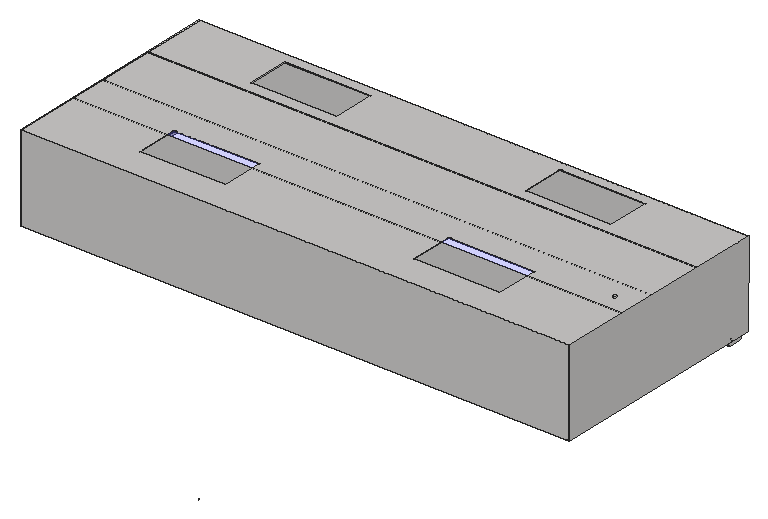
Revit family "QF_ELECTROLUXPROFESSIONAL_640231_STPF1332", category Specialty Equipment, Revit 2014
Reference planes
  plane 1: z = 0
  plane 2 "Center (Left/Right)": x = 150
  plane 3 "LEFT": x = -1450
  plane 4 "RIGHT": x = 1750
  plane 5 "BACK": y = 550
  plane 6 "TOP": z = 2500
  plane 7 "Base": z = 2000
  plane 8: z = 1955
  plane 9 "DrainY": y = 490
  plane 10: x = -1447
  plane 11 "DrainX": x = 1630
  plane 12 "AOLeft2": x = -400
  plane 13 "AORight1": x = 700
  plane 14: x = 1747
  plane 15: x = -1250
  plane 16: x = 1550
  plane 17 "Center (Front/Back)": y = -100
  plane 18 "Front": y = -750
  plane 19 "AOLeft1": x = -900
  plane 20 "AORight2": x = 1200
  plane 21: y = -664
  plane 22: y = -414
  plane 23: y = 240
  plane 24: y = 490
  plane 25 "EI_y": y = -270
  plane 26 "EIx": x = 1630
Forms (mm)
  Extrusion 1, solid, material "QF_Finishes_Stainless Steel"
    sketch origin (-1450, 0, 360) x (0, 1, 0) y (0, 0, 1)
      loop
        line (550, 1640) -> (550, 2140) -> (-750, 2140) -> (-750, 1640) -> (550, 1640)
    from 0 to 3
  Extrusion 2, solid, material "QF_Finishes_Stainless Steel"
    sketch origin (1750, 0, 360) x (0, 1, 0) y (0, 0, 1)
      loop
        line (550, 1640) -> (550, 2140) -> (-750, 2140) -> (-750, 1640) -> (550, 1640)
    from 0 to -3
  Extrusion 3, solid, material "QF_Finishes_Stainless Steel"
    sketch origin (150, 0, 360) x (0, 1, 0) y (0, 0, 1)
      loop
        line (-750, 2140) -> (-750, 1640) -> (-740, 1640) -> (-740, 1640.8) -> (-749.2, 1640.8) -> (-749.2, 2139.19) -> (549.2, 2139.19) -> (549.2, 1640.8) -> (540, 1640.8) -> (540, 1640) -> (550, 1640) -> (550, 2140) -> (-750, 2140)
    from -1600 to 1600
  Extrusion 4, solid, material "QF_Finishes_Stainless Steel"
    sketch origin (0, 0, 2000) x (0, 1, 0) y (-1, 0, 0)
      loop
        circle (490, -1630) r 4.763
    from -30 to 0
  Extrusion 5, void
    sketch origin (0, 0, 2500) x (0, 1, 0) y (-1, 0, 0)
      loop
        line (-320, 400) -> (-320, 900) -> (-570, 900) -> (-570, 400) -> (-320, 400)
    from 0 to -10
  Extrusion 6, solid, material "QF_Finishes_Stainless Steel"
    sketch origin (0, 0, 0) x (1, 0, 0) y (0, 1, 0)
      loop
        line (-1450, 550) -> (-1450, 549) -> (-1449, 549) -> (-1449, 550) -> (-1450, 550)
    from 0 to 1
  Extrusion 7, solid, material "QF_LAMPS"
    sketch origin (150, 0, 360) x (0, 1, 0) y (0, 0, 1)
      loop
        line (-372.823, 1962.324) -> (-218.948, 2086.929) -> (-227.129, 2097.032) -> (-381.003, 1972.426) -> (-372.823, 1962.324)
    from 1597 to -1597
  Extrusion 8, solid, material "QF_Finishes_Stainless Steel"
    sketch origin (150, 0, 360) x (0, 1, 0) y (0, 0, 1)
      loop
        line (-750, 2139.19) -> (-750, 1640) -> (-686.602, 1640) -> (-599.146, 1690.493) -> (-610.058, 1709.394) -> (-666.564, 1676.77) -> (-714.704, 1680.982) -> (-749.2, 1730.248) -> (-749.2, 2139.19) -> (-750, 2139.19)
      loop
        line (-373.6, 1961.694) -> (-381.937, 1971.99) -> (-369.095, 1982.182) -> (-369.095, 2139.19) -> (-369.895, 2139.19) -> (-369.895, 1982.569) -> (-682.298, 1734.63) -> (-671.091, 1720.79) -> (-373.6, 1961.694)
      loop
        line (-227.61, 2099.216) -> (-218.171, 2087.559) -> (-154.411, 2139.19) -> (-155.682, 2139.19) -> (-218.052, 2088.684) -> (-226.989, 2099.719) -> (-227.61, 2099.216)
    from -1597 to 1597
  Sweep 9, solid, material "QF_Finishes_Stainless Steel"
    path origin (0, 0, 0) x (1, 0, 0) y (0, 1, 0)
      loop
        line (1750, 550) -> (-1450, 550) -> (-1450, -750) -> (1750, -750) -> (1750, 550)
    profile origin (1750, -100, 0) x (1, 0, 0) y (0, 0, 1)
      loop
        line (-3, 2000) -> (-3, 2000.8) -> (-19, 2000.8) -> (-19, 2010) -> (-20, 2010) -> (-20, 2000) -> (-3, 2000)
  Extrusion 10, solid, material "QF_Finishes_Stainless Steel"
    sketch origin (150, 0, 0) x (0, 1, 0) y (0, 0, 1)
      loop
        line (414.66, 2095.469) -> (440.643, 2110.471) -> (261.744, 2411.771) -> (235.948, 2396.455) -> (414.66, 2095.469)
    from -1597 to -1400
  Extrusion 11, void
    sketch origin (1134.605, 0, 2500) x (0, 1, 0) y (-1, 0, 0)
      loop
        line (-320, -65.395) -> (-320, 434.605) -> (-570, 434.605) -> (-570, -65.395) -> (-320, -65.395)
    from 0 to -10
  Extrusion 12, solid, material "QF_Finishes_Stainless Steel"
    sketch origin (1630, 0, 0) x (0, 1, 0) y (0, 0, 1)
      loop
        line (539, 2000) -> (441, 2000) -> (441, 1989) -> (448.5, 1989) -> (448.5, 1965)
        arc (448.5, 1965) -> (451.429, 1957.929) -> (458.5, 1955) r 10
        line (458.5, 1955) -> (521.5, 1955)
        arc (521.5, 1955) -> (528.571, 1957.929) -> (531.5, 1965) r 10
        line (531.5, 1965) -> (531.5, 1989) -> (539, 1989) -> (539, 2000)
    from 90 to -90
  Extrusion 13, solid, material "QF_Finishes_Stainless Steel"
    sketch origin (150, 0, 360) x (0, 1, 0) y (0, 0, 1)
      loop
        line (-750, 2139.19) -> (-750, 1640) -> (-686.602, 1640) -> (-599.146, 1690.493) -> (-610.058, 1709.394) -> (-666.564, 1676.77) -> (-714.704, 1680.982) -> (-749.2, 1730.248) -> (-749.2, 2139.19) -> (-750, 2139.19)
      loop
        line (-373.6, 1961.694) -> (-381.937, 1971.99) -> (-369.095, 1982.182) -> (-369.095, 2139.19) -> (-369.895, 2139.19) -> (-369.895, 1982.569) -> (-682.298, 1734.63) -> (-671.091, 1720.79) -> (-373.6, 1961.694)
      loop
        line (-227.61, 2099.216) -> (-218.171, 2087.559) -> (-154.411, 2139.19) -> (-155.682, 2139.19) -> (-218.052, 2088.684) -> (-226.989, 2099.719) -> (-227.61, 2099.216)
    from -1597 to 1597
  Extrusion 14, solid, material "QF_Finishes_Stainless Steel"
    sketch origin (150, 0, 0) x (0, 1, 0) y (0, 0, 1)
      loop
        line (414.66, 2095.469) -> (440.643, 2110.471) -> (261.744, 2411.771) -> (235.948, 2396.455) -> (414.66, 2095.469)
    from 1400 to 1597
  Extrusion 15, solid, material "QF_Finished_Chrome"
    sketch origin (150, 0, 0) x (0, 1, 0) y (0, 0, 1)
      loop
        line (414.66, 2095.469) -> (440.643, 2110.471) -> (261.744, 2411.771) -> (235.948, 2396.455) -> (414.66, 2095.469)
    from -1400 to 1400
  Extrusion 16, void
    sketch origin (0, 1180, 2500) x (0, 1, 0) y (-1, 0, 0)
      loop
        line (-690, 400) -> (-690, 900) -> (-940, 900) -> (-940, 400) -> (-690, 400)
    from 0 to -10
  Extrusion 17, void
    sketch origin (1600, 1180, 2500) x (0, 1, 0) y (-1, 0, 0)
      loop
        line (-690, 400) -> (-690, 900) -> (-940, 900) -> (-940, 400) -> (-690, 400)
    from 0 to -10
  Extrusion 18, solid, material "QF_Finishes_Stainless Steel"
    sketch origin (0, 0, 2500) x (0, 1, 0) y (-1, 0, 0)
      loop
        circle (-270, -1630) r 10
    from 0 to 1.6
  Extrusion 19, solid, material "QF_Finishes_Stainless Steel"
    sketch origin (150, 0, 360) x (0, 1, 0) y (0, 0, 1)
      loop
        line (430.005, 1640) -> (540, 1640) -> (540, 1640.8) -> (430.467, 1640.8) -> (371.906, 1742.23) -> (414.858, 1734.657) -> (442.266, 1750.481) -> (442.266, 1765.943) -> (441.466, 1765.943) -> (441.466, 1750.943) -> (414.709, 1735.495) -> (321.153, 1751.991) -> (320.875, 1750.416) -> (371.4, 1741.507) -> (430.005, 1640)
      loop
        line (172.529, 2139.19) -> (242.893, 2017.316) -> (245.133, 2018.715) -> (240.13, 2027.381) -> (238.569, 2026.405) -> (173.453, 2139.19) -> (172.529, 2139.19)
    from -1597 to 1597
Cuts and joins
  Extrusion 5, Extrusion 11, Extrusion 16, Extrusion 17 cuts Extrusion 3
  joined: Extrusion 2, Extrusion 3, Sweep 9
Lines and regions (mm)
  symbolic lines, style "SpecialityEquipment", detail levels coarse
    curve 1: line (1750, 550, 2500) -> (-1450, 550, 2500)
    curve 2: line (-1450, 550, 2500) -> (-1450, -750, 2500)
    curve 3: line (1750, -750, 2500) -> (1750, 550, 2500)
    curve 4: line (-1450, 550, 0) -> (1750, -750, 0)
    curve 5: line (1750, 550, 0) -> (-1450, -750, 0)
    curve 6: line (-1450, -750, 0) -> (1750, -750, 0)
    curve 7: line (-400, -320, 0) -> (-900, -320, 0)
    curve 8: line (-400, -570, 0) -> (-400, -320, 0)
    curve 9: line (-900, -570, 0) -> (-400, -570, 0)
    curve 10: line (-900, -320, 0) -> (-900, -570, 0)
    curve 11: line (700, -320, 0) -> (700, -570, 0)
    curve 12: line (1200, -320, 0) -> (700, -320, 0)
    curve 13: line (1200, -570, 0) -> (1200, -320, 0)
    curve 14: line (700, -570, 0) -> (1200, -570, 0)
  symbolic lines, detail levels coarse
    curve 15: line (-900, 240, 2500) -> (-400, 240, 2500)
    curve 16: line (-900, 490, 2500) -> (-900, 240, 2500)
    curve 17: line (-400, 490, 2500) -> (-900, 490, 2500)
    curve 18: line (-400, 240, 2500) -> (-400, 490, 2500)
    curve 19: line (700, 490, 2500) -> (700, 240, 2500)
    curve 20: line (1200, 490, 2500) -> (700, 490, 2500)
    curve 21: line (700, 240, 2500) -> (1200, 240, 2500)
    curve 22: line (1200, 240, 2500) -> (1200, 490, 2500)
Dimensions and locks
  plane 3 "LEFT" to plane 4 "RIGHT" = 3200 mm
  equal spacing: plane 3 "LEFT", plane 2 "Center (Left/Right)", plane 4 "RIGHT"
  plane 7 "Base" to plane 8 = 45 mm
  plane 5 "BACK" to plane 9 "DrainY" = 60 mm  (x2)
  plane 3 "LEFT" to plane 10 = 3 mm
  plane 11 "DrainX" to plane 4 "RIGHT" = 120 mm
  plane 14 to plane 4 "RIGHT" = 3 mm
  plane 3 "LEFT" to plane 15 = 200 mm
  plane 16 to plane 4 "RIGHT" = 200 mm
  locked: plane 12 "AOLeft2" to plane 13 "AORight1" at 1100
  equal spacing: plane 12 "AOLeft2", plane 2 "Center (Left/Right)", plane 13 "AORight1"
  locked: plane 7 "Base" to level at 2000
  locked: plane 6 "TOP" to plane 7 "Base" at 500
  locked: plane 5 "BACK" to plane 18 "Front" at 1300
  equal spacing: plane 5 "BACK", plane 17 "Center (Front/Back)", plane 18 "Front"
  locked: plane 19 "AOLeft1" to plane 12 "AOLeft2" at 500
  locked: plane 13 "AORight1" to plane 20 "AORight2" at 500
  locked: plane 22 to plane 21 at 250
  plane 21 to plane 18 "Front" = 86 mm
  locked: plane 24 to plane 23 at 250
  plane 5 "BACK" to plane 24 = 60 mm
  locked: plane 25 "EI_y" to plane 18 "Front" at 480
  locked: plane 26 "EIx" to plane 4 "RIGHT" at 120
  plane 5 "BACK" to plane 18 "Front" = 1300 mm
  aligned and locked: level to plane 1
  aligned and locked: plane 4 "RIGHT" to Extrusion 3
  aligned and locked: Extrusion 3 to plane 3 "LEFT"
  aligned and locked: Extrusion 2 to plane 14
  aligned and locked: Extrusion 10 to plane 10
  aligned and locked: Extrusion 8 to plane 10
  aligned and locked: plane 14 to Extrusion 8
  aligned and locked: Extrusion 5 to plane 19 "AOLeft1"
  aligned and locked: Extrusion 5 to plane 12 "AOLeft2"
  aligned and locked: plane 20 "AORight2" to Extrusion 11
  aligned and locked: plane 13 "AORight1" to Extrusion 11
  aligned and locked: plane 15 to Extrusion 10
  aligned and locked: plane 16 to Extrusion 14
  aligned and locked: plane 14 to Extrusion 14
  aligned and locked: Extrusion 15 to plane 15
  aligned and locked: Extrusion 15 to plane 16
  aligned and locked: plane 14 to Extrusion 7
  aligned and locked: Extrusion 7 to plane 10
  aligned and locked: Extrusion 16 to plane 23
  aligned and locked: plane 24 to Extrusion 16
  aligned and locked: plane 24 to Extrusion 17
  aligned and locked: Extrusion 17 to plane 23
  aligned and locked: plane 13 "AORight1" to Extrusion 17
  aligned and locked: plane 20 "AORight2" to Extrusion 17
  aligned and locked: Extrusion 16 to plane 19 "AOLeft1"
  aligned and locked: Extrusion 16 to plane 12 "AOLeft2"
  aligned and locked: Extrusion 19 to plane 10
  aligned and locked: plane 14 to Extrusion 19
  aligned and locked: plane 14 to Extrusion 13
  aligned and locked: Extrusion 13 to plane 10
Automatic sketch dimensions
  curve 6 to plane 3 "LEFT" = 0 mm
  curve 4 to plane 3 "LEFT" = 0 mm
  curve 10 to plane 19 "AOLeft1" = 0 mm
  curve 8 to plane 12 "AOLeft2" = 0 mm
  curve 14 to plane 13 "AORight1" = 0 mm
  curve 14 to plane 20 "AORight2" = 0 mm
  curve 5 to plane 4 "RIGHT" = 0 mm
  curve 6 to plane 4 "RIGHT" = 0 mm
  curve 4 to plane 18 "Front" = 0 mm
  curve 4 to plane 5 "BACK" = 0 mm
  curve 5 to plane 5 "BACK" = 0 mm
  plane 21 to curve 14 = 94 mm
  plane 21 to curve 9 = 94 mm
  curve 10 to plane 25 "EI_y" = 50 mm
  curve 11 to plane 25 "EI_y" = 50 mm
  curve 2 to plane 3 "LEFT" = 0 mm
  curve 2 to plane 18 "Front" = 0 mm
  curve 3 to plane 4 "RIGHT" = 0 mm
  curve 3 to plane 18 "Front" = 0 mm
  curve 2 to plane 5 "BACK" = 0 mm
  Extrusion 1 sketch curve to plane 7 "Base" = 0 mm
  Extrusion 1 sketch curve to plane 18 "Front" = 0 mm
  Extrusion 1 sketch curve to plane 5 "BACK" = 0 mm
  Extrusion 1 sketch curve to plane 6 "TOP" = 0 mm
  Extrusion 2 sketch curve to plane 7 "Base" = 0 mm
  Extrusion 2 sketch curve to plane 18 "Front" = 0 mm
  Extrusion 2 sketch curve to plane 5 "BACK" = 0 mm
  Extrusion 2 sketch curve to plane 6 "TOP" = 0 mm
  Extrusion 3 sketch curve to plane 6 "TOP" = 0 mm
  Extrusion 3 sketch curve to plane 18 "Front" = 0 mm
  Extrusion 3 sketch curve to plane 7 "Base" = 0 mm  (x2)
  Extrusion 3 sketch curve to plane 5 "BACK" = 0 mm
  plane 18 "Front" to Extrusion 3 sketch curve = 0.8 mm
  Extrusion 3 sketch curve to Extrusion 3 sketch curve = 9.2 mm
  plane 7 "Base" to Extrusion 3 sketch curve = 0.8 mm  (x2)
  Extrusion 3 sketch curve to plane 5 "BACK" = 10 mm
  Extrusion 3 sketch curve to plane 5 "BACK" = 0.8 mm
  Extrusion 3 sketch curve to plane 6 "TOP" = 0.81 mm
  Extrusion 4 sketch curve to plane 9 "DrainY" = 0 mm
  Extrusion 4 sketch curve to plane 11 "DrainX" = 0 mm
  Extrusion 5 sketch curve to plane 12 "AOLeft2" = 0 mm
  Extrusion 5 sketch curve to plane 19 "AOLeft1" = 0 mm
  plane 21 to Extrusion 5 sketch curve = 94 mm
  Extrusion 5 sketch curve to plane 25 "EI_y" = 50 mm
  Extrusion 6 sketch curve to plane 3 "LEFT" = 0 mm
  Extrusion 6 sketch curve to plane 5 "BACK" = 0 mm
  plane 3 "LEFT" to Extrusion 6 sketch curve = 1 mm
  Extrusion 6 sketch curve to Extrusion 6 sketch curve = 1 mm
  plane 22 to Extrusion 7 sketch curve = 32.997 mm
  Extrusion 7 sketch curve to Extrusion 7 sketch curve = 8.181 mm  (x2)
  plane 25 "EI_y" to Extrusion 7 sketch curve = 42.871 mm
  Extrusion 7 sketch curve to plane 6 "TOP" = 177.676 mm
  Extrusion 7 sketch curve to Extrusion 7 sketch curve = 10.102 mm
  Extrusion 7 sketch curve to plane 6 "TOP" = 53.071 mm
  Extrusion 7 sketch curve to Extrusion 7 sketch curve = 10.103 mm
  Extrusion 8 sketch curve to plane 7 "Base" = 0 mm
  Extrusion 8 sketch curve to plane 18 "Front" = 0 mm
  Extrusion 8 sketch curve to Extrusion 8 sketch curve = 0.8 mm  (x2)
  plane 18 "Front" to Extrusion 8 sketch curve = 35.296 mm
  Extrusion 8 sketch curve to plane 21 = 22.602 mm
  Extrusion 8 sketch curve to plane 21 = 18.298 mm
  Extrusion 8 sketch curve to plane 21 = 7.091 mm
  Extrusion 8 sketch curve to plane 21 = 2.564 mm
  plane 21 to Extrusion 8 sketch curve = 53.942 mm
  Extrusion 8 sketch curve to Extrusion 8 sketch curve = 10.912 mm
  plane 22 to Extrusion 8 sketch curve = 32.063 mm
  Extrusion 8 sketch curve to Extrusion 8 sketch curve = 8.337 mm
  Extrusion 8 sketch curve to Extrusion 8 sketch curve = 12.042 mm
  plane 25 "EI_y" to Extrusion 8 sketch curve = 42.39 mm
  Extrusion 8 sketch curve to Extrusion 8 sketch curve = 0.622 mm
  Extrusion 8 sketch curve to Extrusion 8 sketch curve = 9.44 mm
  Extrusion 8 sketch curve to Extrusion 8 sketch curve = 0.118 mm
  Extrusion 8 sketch curve to plane 6 "TOP" = 0.81 mm  (x3)
  Extrusion 8 sketch curve to plane 17 "Center (Front/Back)" = 55.682 mm
  Extrusion 8 sketch curve to Extrusion 8 sketch curve = 1.271 mm
  plane 7 "Base" to Extrusion 8 sketch curve = 36.77 mm
  plane 7 "Base" to Extrusion 8 sketch curve = 40.982 mm
  plane 7 "Base" to Extrusion 8 sketch curve = 50.493 mm
  Extrusion 8 sketch curve to Extrusion 8 sketch curve = 18.901 mm
  Extrusion 8 sketch curve to Extrusion 8 sketch curve = 44.02 mm
  Extrusion 8 sketch curve to Extrusion 8 sketch curve = 49.266 mm
  Extrusion 8 sketch curve to Extrusion 8 sketch curve = 13.84 mm
  Extrusion 8 sketch curve to plane 6 "TOP" = 178.306 mm
  Extrusion 8 sketch curve to Extrusion 8 sketch curve = 10.296 mm
  Extrusion 8 sketch curve to Extrusion 8 sketch curve = 10.192 mm
  Extrusion 8 sketch curve to Extrusion 8 sketch curve = 0.386 mm
  Extrusion 8 sketch curve to plane 6 "TOP" = 52.441 mm
  Extrusion 8 sketch curve to Extrusion 8 sketch curve = 1.125 mm
  Sweep 9 sketch curve to plane 3 "LEFT" = 0 mm
  Sweep 9 sketch curve to plane 4 "RIGHT" = 0 mm
  Sweep 9 sketch curve to plane 18 "Front" = 0 mm
  Sweep 9 sketch curve to plane 5 "BACK" = 0 mm
  profile plane to Sweep 9 sketch curve = 20 mm
  Sweep 9 sketch curve to Sweep 9 sketch curve = 1 mm
  profile plane to Sweep 9 sketch curve = 3 mm
  level to Sweep 9 sketch curve = 2000 mm
  Sweep 9 sketch curve to Sweep 9 sketch curve = 0.8 mm
  Sweep 9 sketch curve to Sweep 9 sketch curve = 9.2 mm
  Extrusion 10 sketch curve to plane 23 = 4.052 mm
  plane 23 to Extrusion 10 sketch curve = 21.744 mm
  Extrusion 10 sketch curve to plane 9 "DrainY" = 75.34 mm
  Extrusion 10 sketch curve to Extrusion 10 sketch curve = 25.983 mm
  plane 7 "Base" to Extrusion 10 sketch curve = 95.469 mm
  Extrusion 10 sketch curve to Extrusion 10 sketch curve = 15.001 mm
  Extrusion 10 sketch curve to plane 6 "TOP" = 103.545 mm
  Extrusion 10 sketch curve to Extrusion 10 sketch curve = 15.316 mm
  Extrusion 11 sketch curve to plane 20 "AORight2" = 0 mm
  Extrusion 11 sketch curve to plane 13 "AORight1" = 0 mm
  plane 21 to Extrusion 11 sketch curve = 94 mm
  Extrusion 11 sketch curve to plane 25 "EI_y" = 50 mm
  Extrusion 13 sketch curve to plane 7 "Base" = 0 mm
  Extrusion 13 sketch curve to plane 18 "Front" = 0 mm
  Extrusion 13 sketch curve to Extrusion 13 sketch curve = 0.8 mm  (x2)
  plane 18 "Front" to Extrusion 13 sketch curve = 35.296 mm
  Extrusion 13 sketch curve to plane 21 = 22.602 mm
  Extrusion 13 sketch curve to plane 21 = 18.298 mm
  Extrusion 13 sketch curve to plane 21 = 7.091 mm
  Extrusion 13 sketch curve to plane 21 = 2.564 mm
  plane 21 to Extrusion 13 sketch curve = 53.942 mm
  Extrusion 13 sketch curve to Extrusion 13 sketch curve = 10.912 mm
  plane 22 to Extrusion 13 sketch curve = 32.063 mm
  Extrusion 13 sketch curve to Extrusion 13 sketch curve = 8.337 mm
  Extrusion 13 sketch curve to plane 6 "TOP" = 0.81 mm  (x3)
  plane 22 to Extrusion 13 sketch curve = 44.105 mm
  plane 25 "EI_y" to Extrusion 13 sketch curve = 42.39 mm
  Extrusion 13 sketch curve to Extrusion 13 sketch curve = 0.622 mm
  Extrusion 13 sketch curve to Extrusion 13 sketch curve = 9.44 mm
  Extrusion 13 sketch curve to Extrusion 13 sketch curve = 0.118 mm
  Extrusion 13 sketch curve to plane 17 "Center (Front/Back)" = 55.682 mm
  Extrusion 13 sketch curve to Extrusion 13 sketch curve = 1.271 mm
  plane 7 "Base" to Extrusion 13 sketch curve = 36.77 mm
  plane 7 "Base" to Extrusion 13 sketch curve = 40.982 mm
  plane 7 "Base" to Extrusion 13 sketch curve = 50.493 mm
  Extrusion 13 sketch curve to Extrusion 13 sketch curve = 18.901 mm
  Extrusion 13 sketch curve to Extrusion 13 sketch curve = 44.02 mm
  Extrusion 13 sketch curve to Extrusion 13 sketch curve = 49.266 mm
  Extrusion 13 sketch curve to Extrusion 13 sketch curve = 13.84 mm
  Extrusion 13 sketch curve to Extrusion 13 sketch curve = 177.496 mm
  Extrusion 13 sketch curve to Extrusion 13 sketch curve = 10.296 mm
  Extrusion 13 sketch curve to Extrusion 13 sketch curve = 10.192 mm
  Extrusion 13 sketch curve to Extrusion 13 sketch curve = 0.386 mm
  Extrusion 13 sketch curve to plane 6 "TOP" = 52.441 mm
  Extrusion 13 sketch curve to Extrusion 13 sketch curve = 1.125 mm
  Extrusion 14 sketch curve to plane 23 = 4.052 mm
  plane 23 to Extrusion 14 sketch curve = 21.744 mm
  Extrusion 14 sketch curve to plane 9 "DrainY" = 75.34 mm
  Extrusion 14 sketch curve to Extrusion 14 sketch curve = 25.983 mm
  plane 7 "Base" to Extrusion 14 sketch curve = 95.469 mm
  Extrusion 14 sketch curve to Extrusion 14 sketch curve = 15.001 mm
  Extrusion 14 sketch curve to plane 6 "TOP" = 103.545 mm
  Extrusion 14 sketch curve to Extrusion 14 sketch curve = 15.316 mm
  Extrusion 15 sketch curve to plane 23 = 4.052 mm
  plane 23 to Extrusion 15 sketch curve = 21.744 mm
  Extrusion 15 sketch curve to plane 9 "DrainY" = 75.34 mm
  Extrusion 15 sketch curve to Extrusion 15 sketch curve = 25.983 mm
  plane 7 "Base" to Extrusion 15 sketch curve = 95.469 mm
  Extrusion 15 sketch curve to Extrusion 15 sketch curve = 15.001 mm
  Extrusion 15 sketch curve to plane 6 "TOP" = 103.545 mm
  Extrusion 15 sketch curve to Extrusion 15 sketch curve = 15.316 mm
  Extrusion 16 sketch curve to plane 12 "AOLeft2" = 0 mm
  Extrusion 16 sketch curve to plane 23 = 0 mm
  Extrusion 16 sketch curve to plane 9 "DrainY" = 0 mm
  Extrusion 16 sketch curve to plane 19 "AOLeft1" = 0 mm
  Extrusion 17 sketch curve to plane 20 "AORight2" = 0 mm
  Extrusion 17 sketch curve to plane 23 = 0 mm
  Extrusion 17 sketch curve to plane 9 "DrainY" = 0 mm
  Extrusion 17 sketch curve to plane 13 "AORight1" = 0 mm
  Extrusion 18 sketch curve to plane 25 "EI_y" = 0 mm
  Extrusion 18 sketch curve to plane 26 "EIx" = 0 mm
  Extrusion 19 sketch curve to plane 7 "Base" = 0 mm
  Extrusion 19 sketch curve to plane 9 "DrainY" = 47.734 mm
  Extrusion 19 sketch curve to Extrusion 19 sketch curve = 0.8 mm
  plane 9 "DrainY" to Extrusion 19 sketch curve = 50 mm
  plane 7 "Base" to Extrusion 19 sketch curve = 0.8 mm
  Extrusion 19 sketch curve to Extrusion 19 sketch curve = 109.533 mm
  Extrusion 19 sketch curve to Extrusion 19 sketch curve = 0.462 mm  (x2)
  Extrusion 19 sketch curve to Extrusion 19 sketch curve = 26.608 mm
  Extrusion 19 sketch curve to Extrusion 19 sketch curve = 0.148 mm
  Extrusion 19 sketch curve to Extrusion 19 sketch curve = 42.803 mm
  Extrusion 19 sketch curve to Extrusion 19 sketch curve = 0.506 mm
  Extrusion 19 sketch curve to Extrusion 19 sketch curve = 50.247 mm
  Extrusion 19 sketch curve to Extrusion 19 sketch curve = 0.278 mm
  plane 23 to Extrusion 19 sketch curve = 5.133 mm
  Extrusion 19 sketch curve to Extrusion 19 sketch curve = 2.24 mm
  plane 23 to Extrusion 19 sketch curve = 0.13 mm
  Extrusion 19 sketch curve to plane 23 = 1.431 mm
  Extrusion 19 sketch curve to plane 6 "TOP" = 0.81 mm
  Extrusion 19 sketch curve to plane 23 = 66.547 mm
  Extrusion 19 sketch curve to Extrusion 19 sketch curve = 0.924 mm
  plane 7 "Base" to Extrusion 19 sketch curve = 94.657 mm
  Extrusion 19 sketch curve to Extrusion 19 sketch curve = 0.838 mm
  Extrusion 19 sketch curve to Extrusion 19 sketch curve = 6.012 mm
  Extrusion 19 sketch curve to Extrusion 19 sketch curve = 0.723 mm
  Extrusion 19 sketch curve to Extrusion 19 sketch curve = 14.986 mm
  Extrusion 19 sketch curve to Extrusion 19 sketch curve = 15 mm
  Extrusion 19 sketch curve to plane 6 "TOP" = 122.684 mm
  Extrusion 19 sketch curve to Extrusion 19 sketch curve = 1.399 mm
  Extrusion 19 sketch curve to Extrusion 19 sketch curve = 9.089 mm
  Extrusion 19 sketch curve to Extrusion 19 sketch curve = 0.975 mm
  curve 15 to plane 19 "AOLeft1" = 0 mm
  curve 15 to plane 23 = 0 mm
  curve 16 to plane 9 "DrainY" = 0 mm
  curve 15 to plane 12 "AOLeft2" = 0 mm
  curve 19 to plane 13 "AORight1" = 0 mm
  curve 19 to plane 23 = 0 mm
  curve 20 to plane 9 "DrainY" = 0 mm
  curve 21 to plane 20 "AORight2" = 0 mm
  Extrusion 12 sketch curve to plane 8 = 0 mm
  Extrusion 12 sketch curve to plane 7 "Base" = 11 mm  (x2)
  Extrusion 12 sketch curve to plane 9 "DrainY" = 49 mm
  Extrusion 12 sketch curve to Extrusion 12 sketch curve = 7.5 mm  (x2)
  Extrusion 12 sketch curve to Extrusion 12 sketch curve = 10 mm
  Extrusion 12 sketch curve to plane 5 "BACK" = 28.5 mm
  Extrusion 12 sketch curve to plane 5 "BACK" = 18.5 mm
  plane 7 "Base" to Extrusion 12 sketch curve = 0 mm
  radius of Extrusion 4 sketch curve = 4.763 mm
  radius of Extrusion 18 sketch curve = 10 mm
Connectors
  piping at (1630, 490, 1970), diameter 9.5
    settings: on Extrusion 4, index 1, connector inside diameter 609.6 mm, connector length 0 mm, flow factor 0, pipe flow 0.0 L/s, pressure drop 0.0 Pa, fitting loss kfactor 0, connector angle 0.00°, fixture units 0, engagement length 0 mm, angle of deflection 0.00°, flow configuration 1, flow direction 2, fitting loss method 0, system type 16, joint type 0, gender type 0, connector reference index -1, connector utility 0, adjustable connector no, is connector primary yes, connector description "Drain"
  hvac at (-650, -445, 2500)
    settings: on Extrusion 5, index 2, duct flow 0.0 L/s, flow factor 0, pres drop 0.0 Pa, loss coef 0, conn angle 0.00°, conn width 250 mm, conn height 500 mm, conn diameter 609.6 mm, duct sys type 1, conn prof type 1, flow config 1, flow direction 1, loss method 0, conn ref index -1, conn util no, is conn primary yes, conn desc "AIR INLET"
  hvac at (950, -445, 2500)
    settings: on Extrusion 11, index 3, duct flow 0.0 L/s, flow factor 0, pres drop 0.0 Pa, loss coef 0, conn angle 0.00°, conn width 250 mm, conn height 500 mm, conn diameter 609.6 mm, duct sys type 1, conn prof type 1, flow config 1, flow direction 1, loss method 0, conn ref index -1, conn util no, is conn primary no, conn desc "AIR INLET"
  hvac at (-650, 365, 2500)
    settings: on Extrusion 16, index 4, duct flow 0.0 L/s, flow factor 0, pres drop 0.0 Pa, loss coef 0, conn angle 0.00°, conn width 250 mm, conn height 500 mm, conn diameter 609.6 mm, duct sys type 3, conn prof type 1, flow config 1, flow direction 2, loss method 0, conn ref index -1, conn util no, is conn primary no, conn desc "EXHAUST OUTLET"
  hvac at (950, 365, 2500)
    settings: on Extrusion 17, index 5, duct flow 0.0 L/s, flow factor 0, pres drop 0.0 Pa, loss coef 0, conn angle 0.00°, conn width 250 mm, conn height 500 mm, conn diameter 609.6 mm, duct sys type 3, conn prof type 1, flow config 1, flow direction 2, loss method 0, conn ref index -1, conn util no, is conn primary no, conn desc "EXHAUST OUTLET"
  electrical at (1630, -270, 2501.6)
    settings: on Extrusion 18, index 6, voltage 0 V, apparent load 0 VA, apparent load phase1 0 VA, apparent load phase2 0 VA, apparent load phase3 0 VA, power factor 1, load classification "Other", number of poles 1, system type 30, power factor state 1, is connector primary yes, connector utility no, sub classification motor no, connector description "Electrical Connection"
